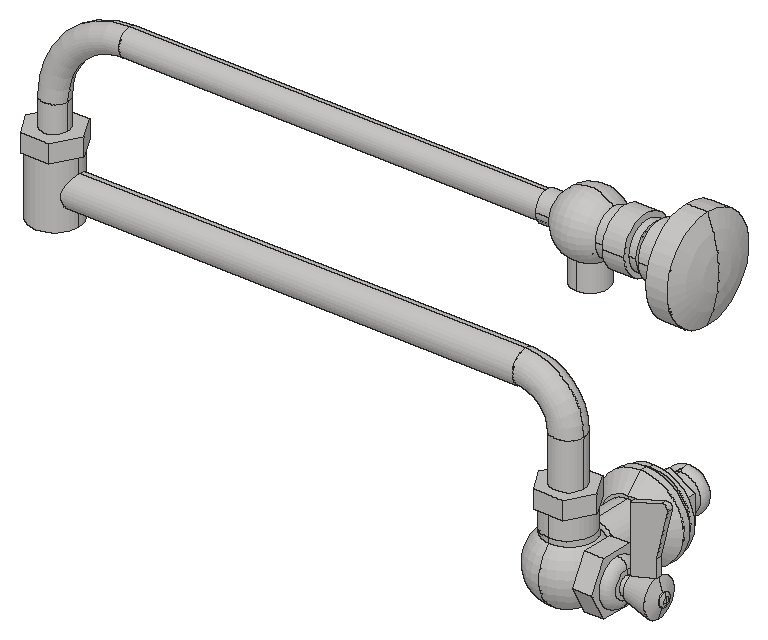
Revit family "QF_FISHER_54836", category Specialty Equipment, Revit 2015
Parameters
  Weight in Pounds = 6
  URL Cutsheet = ""
  Specification by User = ""
  Specification by Manufacturer = ""
  Serial Number = ""
  Seismic Rating = ""
  SMACNA No = ""
  Revision Code = ""
  Plumbing Remarks = ""
  Plumbing Connection Type = ""
  NAFEM Spec ID Number = ""
  Model = "54836"
  Masterspec = ""
  Manufacturer = "FISHER"
  Length = 12 1/2"
  Item Number = ""
  Installed By = ""
  Identify Quantity as Lot = yes
  Height = 7 1/2"
  Furnished By = ""
  Foodservice Equipment Identifier = yes
  Fixture Finish = QF_Metal - Stainless - Polished
  Description = "SS FAUCET SBSE 11CS13DJ"
  Depth = 2.28793"
  Cold Water Temperature Recommended = 40 °F
  Cold Water Size = 1/2"
  Cold Water RI Height = 0"
  Cold Water Minimum Pressure = 80.00 psi
  Cold Water Maximum Pressure = 200.00 psi
  Cold Water Flow = 5 GPM
  Cold Water Consumption = ""
  Cold Water Connection Height = 0"
  CSI MasterFormat = ""
Reference planes (in)
  plane 1 "BACK": y = 0
  plane 2: z = 0
  plane 3 "LEFT": x = 0
  plane 4 "RIGHT": x = 12.5
  plane 5 "FRONT": y = -2.28793
  plane 6 "TOP": z = 7.5
  plane 7 "Center Y": x = 6.25
  plane 8 "Center X": y = -1.14397
  plane 9: z = 3
  plane 10: y = -4.75
  plane 11: y = -4.75
  plane 12: x = -5.75
  plane 13: x = 8.625
  plane 14: x = 8.625
  plane 15: x = 6.75
Forms (in)
  Revolve 1, solid, material "QF_Metal - Stainless - Polished" <- "Fixture Finish", not visible
    sketch origin (0, 0, 0) x (0, 1, 0) y (0, 0, 1)
      loop
        line (-3.05933, 0) -> (-2.93118, 0) -> (-2.93118, 0.53777) -> (-3.05933, 0.53777) -> (-3.05933, 0)
      loop
        arc (-3.51163, 0.53777) -> (-3.66976, 0.47227) -> (-3.73527, 0.31414) r 0.22364
        line (-3.73527, 0.31414) -> (-3.73527, 0.21294) -> (-3.89178, 0.21294) -> (-3.89178, 0.28289) -> (-4.49412, 0.44429) -> (-4.5948, 0.15188) -> (-4.63107, 0.15188) -> (-4.65908, 0.07051) -> (-4.65908, 0) -> (-3.51163, 0) -> (-3.51163, 0.53777)
      axis (-2.93118, 0) -> (-4.65908, 0)
    angle from 0 to 360
  Extrusion 2, solid, material "QF_Metal - Stainless - Polished" <- "Fixture Finish", not visible
    sketch origin (0, -2.375, 0) x (1, 0, 0) y (0, 0, 1)
      loop
        line (-0.36596, 0.63387) -> (-0.73192, 0) -> (-0.36596, -0.63387) -> (0.36596, -0.63387) -> (0.73192, 0) -> (0.36596, 0.63387) -> (-0.36596, 0.63387)
    from 0.68433 to 1.13663
  Extrusion 3, solid, material "QF_Metal - Stainless - Polished" <- "Fixture Finish", not visible
    sketch origin (0, 0, 0) x (0, 1, 0) y (0, 0, 1)
      loop
        line (-3.89334, 1.82468) -> (-4.61356, 2.0312)
        arc (-4.61356, 2.0312) -> (-4.71599, 2.00661) -> (-4.74766, 1.90614) r 0.10696
        line (-4.74766, 1.90614) -> (-4.49412, 0.84878) -> (-4.49412, 0) -> (-3.89334, 0) -> (-3.89334, 1.82468)
    from -0.06546 to 0.06546
  Revolve 4, solid, material "QF_Metal - Stainless - Polished" <- "Fixture Finish", not visible
    sketch origin (0, -2.375, 0) x (1, 0, 0) y (0, 0, 1)
      loop
        line (1.75, 0.62881) -> (1.75, 0.38363) -> (2.66355, 0.38363) -> (2.66355, 0.44613) -> (2.57654, 0.44613) -> (2.57654, 0.67093) -> (2.50064, 0.74683) -> (2.50064, 0.94613) -> (2.39328, 0.94613) -> (2.39328, 0.44613) -> (2.28793, 0.44613) -> (2.28793, 1.00031) -> (2.1215, 1.00031) -> (1.75, 0.62881)
      loop
        line (2.96679, 0.44613) -> (2.96679, 0.38363) -> (3.5773, 0.38363) -> (3.5773, 0.44613)
        arc (3.5773, 0.44613) -> (3.43463, 0.50538) -> (3.29195, 0.44613) r 0.2014
        line (3.29195, 0.44613) -> (2.96679, 0.44613)
      axis (1.75, 0) -> (3.5773, 0)
    angle from 0 to 360
  Extrusion 5, solid, material "QF_Metal - Stainless - Polished" <- "Fixture Finish", not visible
    sketch origin (1.41355, 0, 0) x (0, 0, -1) y (0, 1, 0)
      loop
        line (-0.33828, -1.78909) -> (-0.67656, -2.375) -> (-0.33828, -2.96091) -> (0.33828, -2.96091) -> (0.67656, -2.375) -> (0.33828, -1.78909) -> (-0.33828, -1.78909)
      loop
        circle (0, -2.375) r 0.38363
    from 1.25 to 1.55324
  Sweep 6, solid, material "QF_Metal - Stainless - Polished" <- "Fixture Finish"
    path origin (6.25, -2.28793, 0) x (0, 1, 0) y (0, 0, 1)
      loop
        line (0, 1.25) -> (0, 0.75)
        arc (0, 0.75) -> (0.21967, 0.21967) -> (0.75, 0) r 0.75
        line (0.75, 0) -> (1.75, 0)
    profile origin (6.25, -1.03793, 0) x (0, 0, 1) y (1, 0, 0)
      loop
        circle (0, 0) r 0.5625
  Revolve 7, solid, material "QF_Metal - Stainless - Polished" <- "Fixture Finish"
    sketch origin (6.25, -2.28793, 0) x (0, 1, 0) y (0, 0, 1)
      loop
        arc (0, 0.84311) -> (-0.85363, -0.01052) -> (0, -0.86416) r 0.85363
        line (0, -0.86416) -> (0, 0.84311)
      axis (0, -0.86416) -> (0, 0.84311)
    angle from 0 to 360
  Extrusion 8, solid, material "QF_Metal - Stainless - Polished" <- "Fixture Finish"
    sketch origin (6.25, -4.66293, 0) x (-1, 0, 0) y (0, -1, 0)
      loop
        line (-0.33828, -1.78909) -> (-0.67656, -2.375) -> (-0.33828, -2.96091) -> (0.33828, -2.96091) -> (0.67656, -2.375) -> (0.33828, -1.78909) -> (-0.33828, -1.78909)
    from 1.25 to 1.66885
  Revolve 9, solid, material "QF_Metal - Stainless - Polished" <- "Fixture Finish"
    sketch origin (3.875, -2.28793, 0) x (-1, 0, 0) y (0, 0, 1)
      loop
        line (-3.05933, 0) -> (-2.93118, 0) -> (-2.93118, 0.53777) -> (-3.05933, 0.53777) -> (-3.05933, 0)
      loop
        arc (-3.51163, 0.53777) -> (-3.66976, 0.47227) -> (-3.73527, 0.31414) r 0.22364
        line (-3.73527, 0.31414) -> (-3.73527, 0.21294) -> (-3.89178, 0.21294) -> (-3.89178, 0.28289) -> (-4.49412, 0.44429) -> (-4.5948, 0.15188) -> (-4.63107, 0.15188) -> (-4.65908, 0.07051) -> (-4.65908, 0) -> (-3.51163, 0) -> (-3.51163, 0.53777)
      axis (-2.93118, 0) -> (-4.65908, 0)
    angle from 0 to 360
  Extrusion 10, solid, material "QF_Metal - Stainless - Polished" <- "Fixture Finish"
    sketch origin (6.25, -2.28793, 0) x (0, 1, 0) y (0, 0, 1)
      loop
        line (-0.36596, 0.63387) -> (-0.73192, 0) -> (-0.36596, -0.63387) -> (0.36596, -0.63387) -> (0.73192, 0) -> (0.36596, 0.63387) -> (-0.36596, 0.63387)
    from 0.68433 to 1.13663
  Extrusion 11, solid, material "QF_Metal - Stainless - Polished" <- "Fixture Finish"
    sketch origin (3.875, -2.28793, 0) x (-1, 0, 0) y (0, 0, 1)
      loop
        line (-3.89334, 1.82468) -> (-4.61356, 2.0312)
        arc (-4.61356, 2.0312) -> (-4.71599, 2.00661) -> (-4.74766, 1.90614) r 0.10696
        line (-4.74766, 1.90614) -> (-4.49412, 0.84878) -> (-4.49412, 0) -> (-3.89334, 0) -> (-3.89334, 1.82468)
    from -0.06546 to 0.06546
  Revolve 12, solid, material "QF_Metal - Stainless - Polished" <- "Fixture Finish"
    sketch origin (6.25, -2.28793, 0) x (0, 1, 0) y (0, 0, 1)
      loop
        line (1.75, 0.62881) -> (1.75, 0.38363) -> (2.66355, 0.38363) -> (2.66355, 0.44613) -> (2.57654, 0.44613) -> (2.57654, 0.67093) -> (2.50064, 0.74683) -> (2.50064, 0.94613) -> (2.39328, 0.94613) -> (2.39328, 0.44613) -> (2.28793, 0.44613) -> (2.28793, 1.00031) -> (2.1215, 1.00031) -> (1.75, 0.62881)
      loop
        line (2.96679, 0.44613) -> (2.96679, 0.38363) -> (3.5773, 0.38363) -> (3.5773, 0.44613)
        arc (3.5773, 0.44613) -> (3.43463, 0.50538) -> (3.29195, 0.44613) r 0.2014
        line (3.29195, 0.44613) -> (2.96679, 0.44613)
      axis (1.75, 0) -> (3.5773, 0)
    angle from 0 to 360
  Extrusion 13, solid, material "QF_Metal - Stainless - Polished" <- "Fixture Finish"
    sketch origin (3.875, -0.87439, 0) x (0, 0, -1) y (-1, 0, 0)
      loop
        line (-0.33828, -1.78909) -> (-0.67656, -2.375) -> (-0.33828, -2.96091) -> (0.33828, -2.96091) -> (0.67656, -2.375) -> (0.33828, -1.78909) -> (-0.33828, -1.78909)
      loop
        circle (0, -2.375) r 0.38363
    from 1.25 to 1.55324
  Extrusion 14, solid, material "QF_Metal - Stainless - Polished" <- "Fixture Finish"
    sketch origin (-5.75, -4.66293, 3.25) x (1, 0, 0) y (0, 1, 0)
      loop
        line (-0.33828, 1.78909) -> (0.33828, 1.78909) -> (0.67656, 2.375) -> (0.33828, 2.96091) -> (-0.33828, 2.96091) -> (-0.67656, 2.375) -> (-0.33828, 1.78909)
    from 1.25 to 1.66885
  Revolve 15, solid, material "QF_Metal - Stainless - Polished" <- "Fixture Finish"
    sketch origin (5.375, -2.28793, -0.08115) x (-1, 0, 0) y (0, 0, -1)
      loop
        line (10.5625, -4.58115) -> (11.125, -4.58115) -> (11.125, -3.08115) -> (10.5625, -3.08115) -> (10.5625, -4.58115)
      axis (11.125, -4.58115) -> (11.125, -3.08115)
    angle from 0 to 360
  Sweep 16, solid, material "QF_Metal - Stainless - Polished" <- "Fixture Finish"
    path origin (10.375, -2.28793, -0.08115) x (-1, 0, 0) y (0, 0, -1)
      loop
        line (4.125, -1.75) -> (4.125, -2.83115)
        arc (4.125, -2.83115) -> (4.41789, -3.53826) -> (5.125, -3.83115) r 1
        line (5.125, -3.83115) -> (16.125, -3.83115)
    profile origin (6.25, -2.28793, 2.20942) x (-1, 0, 0) y (0, -1, 0)
      loop
        circle (0, 0) r 0.375
  Sweep 17, solid, material "QF_Metal - Stainless - Polished" <- "Fixture Finish"
    path origin (-4.75, -2.28793, 4.91885) x (-1, 0, 0) y (0, 0, -1)
      loop
        line (1, 0) -> (1, -0.625)
        arc (1, -0.625) -> (0.48744, -1.86244) -> (-0.75, -2.375) r 1.75
        line (-0.75, -2.375) -> (-11, -2.375)
    profile origin (-5.75, -2.28793, 5.23135) x (-1, 0, 0) y (0, -1, 0)
      loop
        circle (0, 0) r 0.3125
  Extrusion 18, solid, material "QF_Metal - Stainless - Polished" <- "Fixture Finish"
    sketch origin (-6.23438, -2.28793, 5.04385) x (0, -1, 0) y (0, 0, -1)
      loop
        circle (0, -2.25) r 0.34375
    from 12 to 13
  Extrusion 19, solid, material "QF_Metal - Stainless - Polished" <- "Fixture Finish"
    sketch origin (-6.23438, -2.28793, 5.04385) x (0, -1, 0) y (0, 0, -1)
      loop
        circle (0, -2.25) r 0.53125
    from 13 to 13.8125
  Extrusion 20, solid, material "QF_Metal - Stainless - Polished" <- "Fixture Finish"
    sketch origin (-6.23438, -2.28793, 5.04385) x (0, -1, 0) y (0, 0, -1)
      loop
        circle (0, -2.25) r 0.65625
    from 13.8125 to 14.3125
  Extrusion 21, solid, material "QF_Metal - Stainless - Polished" <- "Fixture Finish"
    sketch origin (-6.23438, -2.28793, 5.04385) x (0, -1, 0) y (0, 0, -1)
      loop
        circle (0, -2.25) r 0.53125
    from 14.3125 to 14.5
  Extrusion 22, solid, material "QF_Metal - Stainless - Polished" <- "Fixture Finish"
    sketch origin (-6.23438, -2.28793, 5.04385) x (0, -1, 0) y (0, 0, -1)
      loop
        circle (0, -2.25) r 0.21875
    from 14.5 to 14.625
  Extrusion 23, solid, material "QF_Metal - Stainless - Polished" <- "Fixture Finish"
    sketch origin (-6.23438, -2.28793, 5.04385) x (0, -1, 0) y (0, 0, -1)
      loop
        circle (0, -2.25) r 0.625
    from 14.625 to 15.25
  Revolve 24, solid, material "QF_Metal - Stainless - Polished" <- "Fixture Finish"
    sketch origin (-6.23438, -2.28793, 5.04385) x (-1, 0, 0) y (0, 0, -1)
      loop
        line (-12.25, -2.25) -> (-13.75, -2.25)
        arc (-13.75, -2.25) -> (-13, -3) -> (-12.25, -2.25) r 0.75
      axis (-12.25, -2.25) -> (-13.75, -2.25)
    angle from 0 to 360
  Revolve 25, solid, material "QF_Metal - Stainless - Polished" <- "Fixture Finish"
    sketch origin (-6.23438, -2.28793, 5.04385) x (-1, 0, 0) y (0, 0, -1)
      loop
        line (-15.25, -2.25) -> (-16, -2.25)
        arc (-16, -2.25) -> (-15.94409, -2.85829) -> (-15.75, -3.4375) r 2.64262
        line (-15.75, -3.4375) -> (-15.25, -3.4375) -> (-15.25, -2.25)
      axis (-15.25, -2.25) -> (-16, -2.25)
    angle from 0 to 360
  Extrusion 26, solid, material "QF_Metal - Stainless - Polished" <- "Fixture Finish"
    sketch origin (-6.23438, -2.28793, 5.04385) x (0, -1, 0) y (1, 0, 0)
      loop
        circle (0, 13) r 0.40625
    from 1 to 2.25
  Sweep 27, solid, material "QF_Metal - Stainless - Polished" <- "Fixture Finish", not visible
    path origin (-4.75, -2.28793, 4.91885) x (-1, 0, 0) y (0, 0, -1)
      loop
        line (1, 0) -> (1, -0.625)
        arc (1, -0.625) -> (0.48744, -1.86244) -> (-0.75, -2.375) r 1.75
        line (-0.75, -2.375) -> (-11, -2.375)
    profile origin (-5.75, -2.28793, 5.23135) x (-1, 0, 0) y (0, -1, 0)
      loop
        circle (0, 0) r 0.3125
  Extrusion 28, solid, material "QF_Metal - Stainless - Polished" <- "Fixture Finish", not visible
    sketch origin (-6.23438, -2.28793, 5.04385) x (0, -1, 0) y (0, 0, -1)
      loop
        circle (0, -2.25) r 0.34375
    from 12 to 13
  Extrusion 29, solid, material "QF_Metal - Stainless - Polished" <- "Fixture Finish", not visible
    sketch origin (-6.23438, -2.28793, 5.04385) x (0, -1, 0) y (0, 0, -1)
      loop
        circle (0, -2.25) r 0.53125
    from 13 to 13.8125
  Extrusion 30, solid, material "QF_Metal - Stainless - Polished" <- "Fixture Finish", not visible
    sketch origin (-6.23438, -2.28793, 5.04385) x (0, -1, 0) y (0, 0, -1)
      loop
        circle (0, -2.25) r 0.65625
    from 13.8125 to 14.3125
  Extrusion 31, solid, material "QF_Metal - Stainless - Polished" <- "Fixture Finish", not visible
    sketch origin (-6.23438, -2.28793, 5.04385) x (0, -1, 0) y (0, 0, -1)
      loop
        circle (0, -2.25) r 0.53125
    from 14.3125 to 14.5
  Extrusion 32, solid, material "QF_Metal - Stainless - Polished" <- "Fixture Finish", not visible
    sketch origin (-6.23438, -2.28793, 5.04385) x (0, -1, 0) y (0, 0, -1)
      loop
        circle (0, -2.25) r 0.21875
    from 14.5 to 14.625
  Extrusion 33, solid, material "QF_Metal - Stainless - Polished" <- "Fixture Finish", not visible
    sketch origin (-6.23438, -2.28793, 5.04385) x (0, -1, 0) y (0, 0, -1)
      loop
        circle (0, -2.25) r 0.625
    from 14.625 to 15.25
  Revolve 34, solid, material "QF_Metal - Stainless - Polished" <- "Fixture Finish", not visible
    sketch origin (-6.23438, -2.28793, 5.04385) x (-1, 0, 0) y (0, 0, -1)
      loop
        line (-12.25, -2.25) -> (-13.75, -2.25)
        arc (-13.75, -2.25) -> (-13, -3) -> (-12.25, -2.25) r 0.75
      axis (-12.25, -2.25) -> (-13.75, -2.25)
    angle from 0 to 360
  Revolve 35, solid, material "QF_Metal - Stainless - Polished" <- "Fixture Finish", not visible
    sketch origin (-6.23438, -2.28793, 5.04385) x (-1, 0, 0) y (0, 0, -1)
      loop
        line (-15.25, -2.25) -> (-16, -2.25)
        arc (-16, -2.25) -> (-15.94409, -2.85829) -> (-15.75, -3.4375) r 2.64262
        line (-15.75, -3.4375) -> (-15.25, -3.4375) -> (-15.25, -2.25)
      axis (-15.25, -2.25) -> (-16, -2.25)
    angle from 0 to 360
  Extrusion 36, solid, material "QF_Metal - Stainless - Polished" <- "Fixture Finish", not visible
    sketch origin (-6.23438, -2.28793, 5.04385) x (0, -1, 0) y (1, 0, 0)
      loop
        circle (0, 13) r 0.40625
    from 1 to 2.25
Lines and regions (in)
  symbolic lines
    curve 1: arc (5.80387, 1.00401, 0) -> (5.74426, 1.14669, 0) -> (5.80387, 1.28937, 0) r 0.20054
    curve 2: arc (6.69613, 1.00401, 0) -> (6.75574, 1.14669, 0) -> (6.69613, 1.28937, 0) r 0.20054
    curve 3: line (5.80387, 1.28937, 0) -> (6.69613, 1.28937, 0)
    curve 4: line (5.80387, 1.00401, 0) -> (5.80387, 0.67885, 0)
    curve 5: line (6.69613, 1.00401, 0) -> (5.80387, 1.00401, 0)
    curve 6: line (6.69613, 0.67885, 0) -> (6.69613, 1.00401, 0)
    curve 7: line (5.66409, 0.37561, 0) -> (6.83591, 0.37561, 0)
    curve 8: line (5.66409, 0.67885, 0) -> (5.66409, 0.37561, 0)
    curve 9: line (6.83591, 0.67885, 0) -> (5.66409, 0.67885, 0)
    curve 10: line (6.83591, 0.37561, 0) -> (6.83591, 0.67885, 0)
    curve 11: line (5.30387, 0.10534, 0) -> (7.19613, 0.10534, 0)
    curve 12: line (5.30387, 0.21271, 0) -> (5.30387, 0.10534, 0)
    curve 13: line (7.19613, 0.21271, 0) -> (5.30387, 0.21271, 0)
    curve 14: line (7.19613, 0.10534, 0) -> (7.19613, 0.21271, 0)
    curve 15: line (5.57907, 0.28861, 0) -> (5.50317, 0.21271, 0)
    curve 16: line (5.57907, 0.28861, 0) -> (6.92093, 0.28861, 0)
    curve 17: line (6.92093, 0.28861, 0) -> (6.99683, 0.21271, 0)
    curve 18: line (6.69613, 0.28861, 0) -> (6.69613, 0.37561, 0)
    curve 19: line (5.80387, 0.28861, 0) -> (5.80387, 0.37561, 0)
    curve 20: line (5.80387, 0, 0) -> (5.80387, 0.10534, 0)
    curve 21: line (6.69613, 0, 0) -> (6.69613, 0.10534, 0)
    curve 22: line (5.24969, 0, 0) -> (7.25031, 0, 0)
    curve 23: line (5.24969, 0, 0) -> (5.24969, -0.16642, 0)
    curve 24: line (7.25031, 0, 0) -> (7.25031, -0.16642, 0)
    curve 25: line (5.24969, -0.16642, 0) -> (7.25031, -0.16642, 0)
    curve 26: line (5.62119, -0.53793, 0) -> (6.87881, -0.53793, 0)
    curve 27: line (6.87881, -0.53793, 0) -> (7.25032, -0.16642, 0)
    curve 28: line (5.62119, -0.53793, 0) -> (5.24968, -0.16642, 0)
    curve 29: line (5.6875, -0.53793, 0) -> (5.6875, -1.64498, 0)
    curve 30: line (6.8125, -0.53793, 0) -> (6.8125, -1.64498, 0)
    curve 31: circle (6.76562, -2.28793, 0) r 0.75112 normal (0, 0, 1)
    curve 32: line (7.38663, -1.55601, 0) -> (6.93433, -1.55601, 0)
    curve 33: line (7.38663, -1.55601, 0) -> (7.38663, -1.75668, 0)
    curve 34: line (7.57812, -1.75668, 0) -> (7.29661, -1.75668, 0)
    curve 35: line (7.57812, -2.81918, 0) -> (7.29661, -2.81918, 0)
    curve 36: line (7.57812, -2.94418, 0) -> (8.07812, -2.94418, 0)
    curve 37: line (7.57812, -1.63168, 0) -> (7.57812, -2.94418, 0)
    curve 38: line (8.07812, -1.63168, 0) -> (7.57812, -1.63168, 0)
    curve 39: line (8.07812, -2.94418, 0) -> (8.07812, -1.63168, 0)
    curve 40: line (7.38663, -3.01986, 0) -> (6.93433, -3.01986, 0)
    curve 41: line (7.38663, -3.01986, 0) -> (7.38663, -2.81918, 0)
    curve 42: line (8.26562, -1.75668, 0) -> (8.07812, -1.75668, 0)
    curve 43: line (8.26562, -1.75668, 0) -> (8.26562, -2.81918, 0)
    curve 44: line (8.26562, -2.81918, 0) -> (8.07812, -2.81918, 0)
    curve 45: line (8.39062, -1.66293, 0) -> (8.39062, -2.91293, 0)
    curve 46: line (8.39062, -1.66293, 0) -> (9.01562, -1.66293, 0)
    curve 47: line (8.39062, -2.91293, 0) -> (9.01562, -2.91293, 0)
    curve 48: line (9.01562, -1.10043, 0) -> (9.01562, -2.28793, 0)
    curve 49: line (9.01562, -2.28793, 0) -> (9.01562, -3.47543, 0)
    curve 50: line (9.01562, -1.10043, 0) -> (9.51562, -1.10043, 0)
    curve 51: line (9.51562, -3.47543, 0) -> (9.51562, -1.10043, 0)
    curve 52: line (9.01562, -3.47543, 0) -> (9.51562, -3.47543, 0)
    curve 53: arc (9.51562, -3.47543, 0) -> (9.77129, -2.28793, 0) -> (9.51562, -1.10043, 0) r 2.88567
    curve 54: line (-5.28995, -1.91293, 0) -> (6.11482, -1.91293, 0)
    curve 55: line (-5.28995, -2.66293, 0) -> (6.11482, -2.66293, 0)
    curve 56: line (-5.41172, -1.70202, 0) -> (-6.08828, -1.70202, 0)
    curve 57: line (-6.08828, -1.70202, 0) -> (-6.42656, -2.28793, 0)
    curve 58: line (-6.42656, -2.28793, 0) -> (-6.08828, -2.87385, 0)
    curve 59: line (-6.08828, -2.87385, 0) -> (-5.41172, -2.87385, 0)
    curve 60: line (-5.41172, -2.87385, 0) -> (-5.25387, -2.60043, 0)
    curve 61: line (-5.25387, -1.97544, 0) -> (-5.41172, -1.70202, 0)
    curve 62: arc (-6.0625, -2.28793, 0) -> (-5.97125, -2.06725, 0) -> (-5.7508, -1.97544, 0) r 0.3125
    curve 63: arc (-5.7508, -2.60043, 0) -> (-5.97125, -2.50862, 0) -> (-6.0625, -2.28793, 0) r 0.3125
    curve 64: line (-5.7508, -1.97544, 0) -> (5.76562, -1.97544, 0)
    curve 65: line (-5.7508, -2.60043, 0) -> (5.76562, -2.60043, 0)
    curve 66: arc (5.6875, -1.64498, 0) -> (5.57068, -1.76701, 0) -> (5.48558, -1.91293, 0) r 0.71838
    curve 67: arc (6.66764, -3.03263, 0) -> (5.99512, -3.10446, 0) -> (5.48277, -2.66293, 0) r 0.85063
    curve 68: line (5.91172, -2.87385, 0) -> (5.78995, -2.66293, 0)
    curve 69: line (5.91172, -2.87385, 0) -> (6.29565, -2.87385, 0)
    curve 70: line (5.76562, -2.63168, 0) -> (5.76562, -1.94418, 0)
    curve 71: line (5.76562, -1.94418, 0) -> (6.09778, -1.94418, 0)
    curve 72: line (5.76562, -2.63168, 0) -> (6.09778, -2.63168, 0)
    curve 73: line (5.91172, -1.70202, 0) -> (5.78995, -1.91293, 0)
    curve 74: line (5.91172, -1.70202, 0) -> (6.29565, -1.70202, 0)
    curve 75: line (8.36912, -1.84365, 0) -> (8.36912, -2.06918, 0)
    curve 76: line (8.26562, -2.06918, 0) -> (8.39062, -2.06918, 0)
    curve 77: line (8.36912, -1.84365, 0) -> (8.26562, -1.87138, 0)
    curve 78: line (8.36912, -1.84365, 0) -> (8.39062, -1.90611, 0)
    curve 79: line (8.36912, -2.73222, 0) -> (8.26562, -2.70449, 0)
    curve 80: line (8.36912, -2.73222, 0) -> (8.39062, -2.66976, 0)
    curve 81: line (8.36912, -2.73222, 0) -> (8.36912, -2.50668, 0)
    curve 82: line (8.26562, -2.50668, 0) -> (8.39062, -2.50668, 0)
Dimensions and locks (in)
  equal spacing: plane 3 "LEFT", plane 7 "Center Y", plane 4 "RIGHT"
  "Length": plane 3 "LEFT" to plane 4 "RIGHT"
  equal spacing: plane 5 "FRONT", plane 8 "Center X", plane 1 "BACK"
  "Depth": plane 5 "FRONT" to plane 1 "BACK"
  "Height": plane 6 "TOP" to level
  plane 9 to level = 3"  (x2)
  plane 6 "TOP" to level = 7 1/2"
  plane 7 "Center Y" to plane 12 = 12"  (x2)
  plane 15 to plane 12 = 12 1/2"
  aligned and locked: level to plane 2
  aligned and locked: Extrusion 20 to Extrusion 19
  aligned and locked: Revolve 25 sketch curve to Extrusion 23
  aligned and locked: Revolve 25 sketch curve to Revolve 25 sketch curve
  aligned and locked: Revolve 35 sketch curve to Extrusion 33
  aligned and locked: Revolve 35 sketch curve to Revolve 35 sketch curve
Automatic sketch dimensions
  Revolve 1 sketch curve to plane 10 = 0.09092"
  Revolve 1 sketch curve to Revolve 1 sketch curve = 0.06428"
  Revolve 1 sketch curve to plane 10 = 0.25588"
  Revolve 1 sketch curve to Revolve 1 sketch curve = 0.60233"
  Revolve 1 sketch curve to Revolve 1 sketch curve = 0.15652"
  Revolve 1 sketch curve to Revolve 1 sketch curve = 0.22364"
  Revolve 1 sketch curve to Revolve 1 sketch curve = 0.4523"
  Revolve 1 sketch curve to Revolve 1 sketch curve = 0.12815"
  Revolve 1 sketch curve to Revolve 1 sketch curve = 0.06996"
  Revolve 1 sketch curve to Revolve 1 sketch curve = 0.1012"
  Revolve 1 sketch curve to plane 10 = 0.04375"
  plane 10 to Revolve 1 sketch curve = 0.31663"
  Revolve 1 sketch curve to Revolve 1 sketch curve = 0.03626"
  Extrusion 3 sketch curve to plane 11 = 0.10696"
  Extrusion 3 sketch curve to Extrusion 3 sketch curve = 0.02948"
  Extrusion 3 sketch curve to plane 11 = 0.25588"
  Extrusion 3 sketch curve to Extrusion 3 sketch curve = 0.72022"
  Extrusion 3 sketch curve to Extrusion 3 sketch curve = 0.1037"
  Extrusion 3 sketch curve to Extrusion 3 sketch curve = 0.10282"
  Extrusion 3 sketch curve to plane 11 = 0.00234"
  Revolve 1 sketch curve to Revolve 1 sketch curve = 0"  (x2)
  Revolve 1 sketch curve to Revolve 1 sketch curve = 0.07051"
  Revolve 1 sketch curve to Revolve 1 sketch curve = 0.08137"
  Revolve 1 sketch curve to Revolve 1 sketch curve = 0.21294"
  Revolve 1 sketch curve to Revolve 1 sketch curve = 0.29241"
  Revolve 1 sketch curve to Revolve 1 sketch curve = 0.53777"
  Extrusion 2 sketch curve to Extrusion 2 sketch curve = 0.36596"  (x3)
  Extrusion 2 sketch curve to Extrusion 2 sketch curve = 0.73192"  (x2)
  Extrusion 2 sketch curve to Extrusion 2 sketch curve = 0.63387"  (x3)
  Extrusion 3 sketch curve to Extrusion 3 sketch curve = 0.84878"
  Extrusion 3 sketch curve to Extrusion 3 sketch curve = 0.9759"
  Revolve 4 sketch curve to Revolve 4 sketch curve = 0.3715"
  Revolve 4 sketch curve to Revolve 4 sketch curve = 0.53793"
  Revolve 4 sketch curve to Revolve 4 sketch curve = 0.10534"
  Revolve 4 sketch curve to Revolve 4 sketch curve = 0.10737"
  Revolve 4 sketch curve to Revolve 4 sketch curve = 0.0759"  (x2)
  Revolve 4 sketch curve to Revolve 4 sketch curve = 0.087"
  Revolve 4 sketch curve to Revolve 4 sketch curve = 0.30324"
  Revolve 4 sketch curve to Revolve 4 sketch curve = 0.32516"
  Revolve 4 sketch curve to Revolve 4 sketch curve = 0.14268"  (x2)
  Revolve 4 sketch curve to Revolve 4 sketch curve = 0.07964"  (x2)
  Revolve 4 sketch curve to Revolve 4 sketch curve = 1/16"  (x3)
  Revolve 4 sketch curve to Revolve 4 sketch curve = 0.24518"
  Revolve 4 sketch curve to Revolve 4 sketch curve = 0.2248"
  Revolve 4 sketch curve to Revolve 4 sketch curve = 0.1993"
  Revolve 4 sketch curve to Revolve 4 sketch curve = 0.05418"
  Revolve 4 sketch curve to Revolve 4 sketch curve = 0"
  Revolve 4 sketch curve to Revolve 4 sketch curve = 1.08276"
  Revolve 4 sketch curve to Revolve 4 sketch curve = 0.38363"  (x2)
  Revolve 9 sketch curve to plane 13 = 0.09092"
  Revolve 9 sketch curve to Revolve 9 sketch curve = 0.06428"
  Revolve 9 sketch curve to plane 13 = 0.25588"
  Revolve 9 sketch curve to Revolve 9 sketch curve = 0.60233"
  Revolve 9 sketch curve to Revolve 9 sketch curve = 0.15652"
  Revolve 9 sketch curve to Revolve 9 sketch curve = 0.22364"
  Revolve 9 sketch curve to Revolve 9 sketch curve = 0.4523"
  Revolve 9 sketch curve to Revolve 9 sketch curve = 0.12815"
  Revolve 9 sketch curve to Revolve 9 sketch curve = 0.06996"
  Revolve 9 sketch curve to Revolve 9 sketch curve = 0.1012"
  Revolve 9 sketch curve to plane 13 = 0.04375"
  plane 13 to Revolve 9 sketch curve = 0.31663"
  Revolve 9 sketch curve to Revolve 9 sketch curve = 0.03626"
  Extrusion 11 sketch curve to plane 14 = 0.10696"
  Extrusion 11 sketch curve to Extrusion 11 sketch curve = 0.02948"
  Extrusion 11 sketch curve to plane 14 = 0.25588"
  Extrusion 11 sketch curve to Extrusion 11 sketch curve = 0.72022"
  Extrusion 11 sketch curve to Extrusion 11 sketch curve = 0.1037"
  Extrusion 11 sketch curve to Extrusion 11 sketch curve = 0.10282"
  Extrusion 11 sketch curve to plane 14 = 0.00234"
  Revolve 9 sketch curve to Revolve 9 sketch curve = 0"  (x2)
  Revolve 9 sketch curve to Revolve 9 sketch curve = 0.07051"
  Revolve 9 sketch curve to Revolve 9 sketch curve = 0.08137"
  Revolve 9 sketch curve to Revolve 9 sketch curve = 0.21294"
  Revolve 9 sketch curve to Revolve 9 sketch curve = 0.29241"
  Revolve 9 sketch curve to Revolve 9 sketch curve = 0.53777"
  Extrusion 10 sketch curve to Extrusion 10 sketch curve = 0.36596"  (x3)
  Extrusion 10 sketch curve to Extrusion 10 sketch curve = 0.73192"  (x2)
  Extrusion 10 sketch curve to Extrusion 10 sketch curve = 0.63387"  (x3)
  Extrusion 11 sketch curve to Extrusion 11 sketch curve = 0.84878"
  Extrusion 11 sketch curve to Extrusion 11 sketch curve = 0.9759"
  Extrusion 13 sketch curve to Extrusion 13 sketch curve = 0.33828"  (x6)
  Extrusion 13 sketch curve to Extrusion 13 sketch curve = 0.58591"  (x3)
  Extrusion 13 sketch curve to Extrusion 13 sketch curve = 0"
  Revolve 12 sketch curve to Revolve 12 sketch curve = 0.3715"
  Revolve 12 sketch curve to Revolve 12 sketch curve = 0.53793"
  Revolve 12 sketch curve to Revolve 12 sketch curve = 0.10534"
  Revolve 12 sketch curve to Revolve 12 sketch curve = 0.10737"
  Revolve 12 sketch curve to Revolve 12 sketch curve = 0.0759"  (x2)
  Revolve 12 sketch curve to Revolve 12 sketch curve = 0.087"
  Revolve 12 sketch curve to Revolve 12 sketch curve = 0.30324"
  Revolve 12 sketch curve to Revolve 12 sketch curve = 0.32516"
  Revolve 12 sketch curve to Revolve 12 sketch curve = 0.14268"  (x2)
  Revolve 12 sketch curve to Revolve 12 sketch curve = 0.07964"  (x2)
  Revolve 12 sketch curve to Revolve 12 sketch curve = 1/16"  (x3)
  Revolve 12 sketch curve to Revolve 12 sketch curve = 0.24518"
  Revolve 12 sketch curve to Revolve 12 sketch curve = 0.2248"
  Revolve 12 sketch curve to Revolve 12 sketch curve = 0.1993"
  Revolve 12 sketch curve to Revolve 12 sketch curve = 0.05418"
  Revolve 12 sketch curve to Revolve 12 sketch curve = 0"
  Revolve 12 sketch curve to Revolve 12 sketch curve = 1.08276"
  Revolve 12 sketch curve to Revolve 12 sketch curve = 0.38363"  (x2)
  Sweep 6 sketch curve to plane 5 "FRONT" = 0"
  Sweep 6 sketch curve to level = 0"
  Sweep 6 sketch curve to plane 8 "Center X" = 0.39397"
  plane 1 "BACK" to Sweep 6 sketch curve = 0.53793"
  Sweep 6 sketch curve to Sweep 6 sketch curve = 1/2"
  Sweep 6 sketch curve to profile plane = 0"  (x2)
  Revolve 7 sketch curve to plane 5 "FRONT" = 0"  (x2)
  Revolve 7 sketch curve to level = 0.86416"
  Revolve 7 sketch curve to level = 0.01052"
  Revolve 7 sketch curve to Revolve 7 sketch curve = 0.02137"  (x2)
  plane 5 "FRONT" to Extrusion 8 sketch curve = 0"  (x2)
  plane 7 "Center Y" to Extrusion 8 sketch curve = 0.67656"
  plane 7 "Center Y" to Extrusion 8 sketch curve = 0.33828"  (x2)
  Extrusion 8 sketch curve to plane 7 "Center Y" = 0.33828"  (x2)
  Extrusion 8 sketch curve to Extrusion 8 sketch curve = 0.33828"
  Extrusion 8 sketch curve to plane 8 "Center X" = 0.55805"
  plane 5 "FRONT" to Extrusion 8 sketch curve = 0.58591"
  plane 5 "FRONT" to Extrusion 14 sketch curve = 0"  (x2)
  Extrusion 14 sketch curve to plane 12 = 0.67656"
  Extrusion 14 sketch curve to plane 12 = 0.33828"  (x2)
  plane 12 to Extrusion 14 sketch curve = 0.33828"  (x2)
  Extrusion 14 sketch curve to Extrusion 14 sketch curve = 0.33828"
  plane 5 "FRONT" to Extrusion 14 sketch curve = 0.58591"
  Extrusion 14 sketch curve to plane 8 "Center X" = 0.55805"
  Revolve 15 sketch curve to plane 9 = 0"
  Revolve 15 sketch curve to plane 12 = 0"  (x2)
  Revolve 15 sketch curve to Revolve 15 sketch curve = 9/16"
  Revolve 15 sketch curve to Revolve 15 sketch curve = 1 1/2"
  Revolve 15 sketch curve to Revolve 15 sketch curve = 0"
  Revolve 15 sketch curve to plane 9 = 3/4"
  Sweep 16 sketch curve to plane 7 "Center Y" = 0"
  Sweep 16 sketch curve to plane 12 = 0"
  Sweep 16 sketch curve to plane 9 = 1/4"
  Sweep 16 sketch curve to plane 7 "Center Y" = 1"
  Sweep 16 sketch curve to Sweep 16 sketch curve = 1.08115"
  Sweep 16 sketch curve to profile plane = 0"
  profile plane to Sweep 16 sketch curve = 0"
  Sweep 17 sketch curve to Sweep 17 sketch curve = 1 3/4"
  Sweep 17 sketch curve to Sweep 17 sketch curve = 5/8"
  Sweep 17 sketch curve to profile plane = 0"
  profile plane to Sweep 17 sketch curve = 0"
  Revolve 24 sketch curve to Revolve 24 sketch curve = 3/4"
  Revolve 24 sketch curve to Revolve 24 sketch curve = 1.79101"
  Revolve 24 sketch curve to Revolve 24 sketch curve = 0.4194"
  Revolve 25 sketch curve to Revolve 25 sketch curve = 1/4"
  Revolve 25 sketch curve to Revolve 25 sketch curve = 3/4"
  Revolve 25 sketch curve to Revolve 25 sketch curve = 0.68734"
  Revolve 25 sketch curve to Revolve 25 sketch curve = 0"
  Sweep 17 sketch curve to Sweep 17 sketch curve = 10 1/4"
  Revolve 24 sketch curve to Revolve 24 sketch curve = 0"
  Revolve 25 sketch curve to Revolve 25 sketch curve = 1.89184"
  Revolve 25 sketch curve to Revolve 25 sketch curve = 0.06389"
  Sweep 27 sketch curve to Sweep 27 sketch curve = 1 3/4"
  Sweep 27 sketch curve to Sweep 27 sketch curve = 5/8"
  Sweep 27 sketch curve to profile plane = 0"
  profile plane to Sweep 27 sketch curve = 0"
  Revolve 34 sketch curve to Revolve 34 sketch curve = 3/4"
  Revolve 34 sketch curve to Revolve 34 sketch curve = 1.79101"
  Revolve 34 sketch curve to Revolve 34 sketch curve = 0.4194"
  Revolve 35 sketch curve to Revolve 35 sketch curve = 1/4"
  Revolve 35 sketch curve to Revolve 35 sketch curve = 3/4"
  Revolve 35 sketch curve to Revolve 35 sketch curve = 0.68734"
  Revolve 35 sketch curve to Revolve 35 sketch curve = 0"
  Sweep 27 sketch curve to Sweep 27 sketch curve = 10 1/4"
  Revolve 34 sketch curve to Revolve 34 sketch curve = 0"
  Revolve 35 sketch curve to Revolve 35 sketch curve = 1.89184"
  Revolve 35 sketch curve to Revolve 35 sketch curve = 0.06389"
  curve 62 to curve 63 = 0"  (x2)
  plane 5 "FRONT" to curve 57 = 0"
  plane 5 "FRONT" to curve 62 = 0"
  curve 62 to plane 12 = 0"
  plane 1 "BACK" to curve 22 = 0"
  plane 5 "FRONT" to curve 31 = 0"
  plane 5 "FRONT" to curve 53 = 0"
  plane 5 "FRONT" to curve 48 = 0"
  curve 64 to plane 12 = 0.0008"
  curve 65 to plane 12 = 0.0008"
  curve 57 to plane 12 = 0.33828"
  curve 59 to plane 12 = 0.33828"
  curve 58 to plane 12 = 0.67656"
  plane 12 to curve 60 = 0.33828"
  plane 12 to curve 61 = 0.33828"
  curve 22 to plane 7 "Center Y" = 1.00031"
  curve 22 to curve 12 = 0.05418"
  curve 15 to plane 1 "BACK" = 0.28861"
  curve 12 to curve 15 = 0.2752"
  curve 23 to curve 28 = 0.3715"
  curve 15 to curve 7 = 0.08501"
  curve 29 to plane 7 "Center Y" = 9/16"
  curve 66 to curve 70 = 5/64"
  curve 8 to curve 5 = 0.13979"
  curve 3 to curve 1 = 0"
  curve 66 to curve 73 = 0.22422"
  curve 70 to curve 68 = 0.1461"
  curve 1 to curve 1 = 0.14092"
  curve 66 to plane 7 "Center Y" = 0.1056"
  curve 67 to plane 7 "Center Y" = 0.00152"
  curve 2 to plane 15 = 0.19479"
  curve 6 to plane 15 = 0.05387"
  curve 3 to plane 15 = 0.05387"
  plane 15 to curve 31 = 1/64"
  plane 15 to curve 7 = 0.08591"
  plane 15 to curve 26 = 0.12881"
  curve 31 to curve 53 = 0.11999"
  curve 7 to curve 16 = 0.08501"
  curve 16 to curve 14 = 0.2752"
  curve 11 to curve 25 = 0.05418"
  plane 15 to curve 33 = 0.63663"
  plane 15 to curve 40 = 0.63663"
  curve 40 to curve 37 = 0.1915"
  curve 37 to curve 38 = 1/2"
  curve 42 to curve 42 = 3/16"
  curve 77 to plane 5 "FRONT" = 0.44429"
  curve 77 to curve 77 = 0.10349"
  curve 79 to curve 81 = 0.10349"
  curve 42 to curve 46 = 1/8"
  plane 8 "Center X" to curve 48 = 0.04353"
  curve 45 to curve 48 = 5/8"
  curve 48 to curve 51 = 1/2"
  plane 5 "FRONT" to curve 41 = 0.73192"
  curve 40 to curve 36 = 0.07567"
  curve 36 to curve 45 = 1/32"
  plane 5 "FRONT" to curve 59 = 0.58591"
  plane 5 "FRONT" to curve 69 = 0.58591"
  curve 45 to curve 44 = 3/32"
  curve 43 to curve 81 = 0.08696"
  curve 68 to curve 72 = 0.24216"
  plane 5 "FRONT" to curve 65 = 5/16"
  plane 5 "FRONT" to curve 67 = 0.00451"
  curve 66 to plane 5 "FRONT" = 0.0886"
  curve 64 to curve 70 = 1/32"
  curve 75 to curve 43 = 0.08696"
  curve 70 to curve 73 = 0.24216"
  curve 64 to curve 56 = 0.27342"
  curve 42 to curve 46 = 3/32"
  curve 73 to curve 29 = 0.05704"
  curve 42 to curve 38 = 1/8"
  curve 37 to curve 32 = 0.07567"
  plane 1 "BACK" to curve 26 = 0.53793"
  plane 1 "BACK" to curve 23 = 0.16642"
  curve 11 to plane 1 "BACK" = 0.10534"
  curve 11 to curve 13 = 0.10737"
  curve 16 to curve 10 = 0.087"
  curve 7 to curve 8 = 0.30324"
  curve 6 to curve 5 = 0.32516"
  curve 2 to curve 2 = 0.14268"
  curve 56 to curve 54 = 0.12177"
  curve 59 to curve 55 = 0.12177"
  curve 54 to curve 61 = 0.03608"
  curve 55 to curve 60 = 0.03608"
  plane 1 "BACK" to curve 28 = 0.16642"
  curve 28 to curve 23 = 0"
  curve 67 to curve 70 = 0.28285"
  curve 15 to curve 15 = 0.0759"
  curve 70 to curve 68 = 0.02433"
  curve 70 to curve 73 = 0.02433"
  curve 15 to curve 20 = 0.2248"
  curve 7 to curve 19 = 0.13979"
  curve 72 to plane 7 "Center Y" = 0.15222"
  curve 21 to plane 15 = 0.05387"
  curve 18 to plane 15 = 0.05387"
  plane 15 to curve 30 = 1/16"
  curve 16 to curve 17 = 0.0759"
  plane 1 "BACK" to curve 27 = 0.16642"
  curve 24 to curve 27 = 0"
  curve 34 to curve 33 = 0.09002"
  curve 35 to curve 41 = 0.09002"
  curve 79 to curve 79 = 0.02773"
  curve 79 to curve 80 = 0.06246"
  curve 79 to curve 82 = 0.19781"
  curve 76 to plane 5 "FRONT" = 7/32"
  curve 78 to curve 75 = 0.06246"
  curve 77 to curve 75 = 0.02773"
  curve 30 to curve 32 = 0.08897"
  Extrusion 5 sketch curve to Extrusion 5 sketch curve = 0.33828"  (x6)
  Extrusion 5 sketch curve to Extrusion 5 sketch curve = 0.58591"  (x3)
  Extrusion 5 sketch curve to Extrusion 5 sketch curve = 0"
  radius of Extrusion 13 sketch curve = 0.38363"
  radius of Sweep 6 sketch curve = 9/16"
  radius of Sweep 16 sketch curve = 3/8"
  radius of Sweep 17 sketch curve = 5/16"
  radius of Extrusion 18 sketch curve = 11/32"
  radius of Extrusion 19 sketch curve = 17/32"
  radius of Extrusion 20 sketch curve = 21/32"
  radius of Extrusion 21 sketch curve = 17/32"
  radius of Extrusion 22 sketch curve = 7/32"
  radius of Extrusion 23 sketch curve = 5/8"
  radius of Extrusion 26 sketch curve = 13/32"
  radius of Sweep 27 sketch curve = 5/16"
  radius of Extrusion 28 sketch curve = 11/32"
  radius of Extrusion 29 sketch curve = 17/32"
  radius of Extrusion 30 sketch curve = 21/32"
  radius of Extrusion 31 sketch curve = 17/32"
  radius of Extrusion 32 sketch curve = 7/32"
  radius of Extrusion 33 sketch curve = 5/8"
  radius of Extrusion 36 sketch curve = 13/32"
  radius of Extrusion 5 sketch curve = 0.38363"
